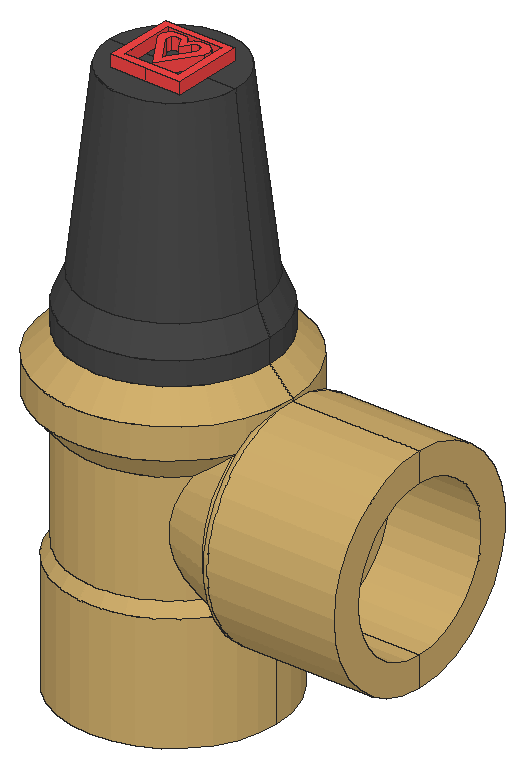
Revit family "Предохранительный клапан с диафрагмой 26xx", category Rohrzubehör, Revit 2020
Family settings
  Bemaßung runder Anschluss = Durchmesser verwenden
  Teiletyp = Normal
  OmniClass-Nummer = 23.65.55.14
  OmniClass-Titel = Valves for Liquid Services
  Arbeitsebenenbasiert = Nein
  Immer vertikal = Ja
  Beim Laden mit Abzugskörper schneiden = Nein
  Gemeinsam genutzt = Nein
Parameters (values of type "PN8")
  Номер заказа [instance] = if(PN1.8, size_lookup("26XX_PN1.8", "Artnr", 0, Nennweite), if(PN2.5, size_lookup("26XX_PN2.5", "Artnr", 0, Nennweite), if(PN3, size_lookup("26XX_PN3", "Artnr", 0, Nennweite), if(PN4, size_lookup("26XX_PN4", "Artnr", 0, Nennweite), if(PN5, size_lookup("26XX_PN5", "Artnr", 0, Nennweite), if(PN6, size_lookup("26XX_PN6", "Artnr", 0, Nennweite), if(PN8, size_lookup("26XX_PN8", "Artnr", 0, Nennweite), size_lookup("26XX_PN10", "Artnr", 0, Nennweite))))))))  # 1268501
  Мин. рабочая температура = 0 °C  # constant formula
  Макс. рабочая температура = 110 °C  # constant formula
  Внутренняя резьба = "в соответствии с ISO 228-1"  # constant formula
  WS01 = 70.00°  # constant formula
  Vorgabe-Ansicht = 0.0000 mm
  URL = "www.herz-armaturen.ru"
  Табличка = "пластик PA6"  # constant formula
  SCRNSEQ = "AWI;AWI_TYP=\"1015\";2"
  SCRNCODE = "05;21;02"  # constant formula
  S03 = 10.5000 mm  # constant formula
  S02 [instance] = H02 + H05  # 47.5000 mm
  S01 = 8.0000 mm  # constant formula
  R11 = 1.0000 mm  # constant formula
  R10 [instance] = (Nennweite Aus / 2) + 3.8000 mm  # 13.8000 mm
  R09 [instance] = Nennweite Aus / 2  # 10.0000 mm
  R08 [instance] = (Nennweite / 2) + 3.5000 mm  # 11.0000 mm
  R07 [instance] = R08 - 2.8000 mm  # 8.2000 mm
  R06 [instance] = Nennweite / 2  # 7.5000 mm
  R05 [instance] = Nennweite / 2  # 7.5000 mm
  R04 [instance] = if(PN1.8, size_lookup("26XX_PN1.8", "SW", 40.0000 mm, Nennweite), if(PN2.5, size_lookup("26XX_PN2.5", "SW", 40.0000 mm, Nennweite), if(PN3, size_lookup("26XX_PN3", "SW", 40.0000 mm, Nennweite), if(PN4, size_lookup("26XX_PN4", "SW", 40.0000 mm, Nennweite), if(PN5, size_lookup("26XX_PN5", "SW", 40.0000 mm, Nennweite), if(PN6, size_lookup("26XX_PN6", "SW", 40.0000 mm, Nennweite), if(PN8, size_lookup("26XX_PN8", "SW", 40.0000 mm, Nennweite), size_lookup("26XX_PN10", "SW", 269501.0000 mm, Nennweite))))))))  # 13.5000 mm
  R03 [instance] = (Nennweite / 2) + 5.0000 mm  # 12.5000 mm
  R02 [instance] = R04 + 2.0000 mm  # 15.5000 mm
  PN8 = yes
  PN6 = no
  PN5 = no
  PN4 = no
  PN3 = no
  PN2.5 = no
  PN10 = no
  PN1.8 = no
  Nennweite Aus [instance] = if(PN1.8, size_lookup("26XX_PN1.8", "DN1", 40.0000 mm, Nennweite), if(PN2.5, size_lookup("26XX_PN2.5", "DN1", 40.0000 mm, Nennweite), if(PN3, size_lookup("26XX_PN3", "DN1", 40.0000 mm, Nennweite), if(PN4, size_lookup("26XX_PN4", "DN1", 40.0000 mm, Nennweite), if(PN5, size_lookup("26XX_PN5", "DN1", 40.0000 mm, Nennweite), if(PN6, size_lookup("26XX_PN6", "DN1", 40.0000 mm, Nennweite), if(PN8, size_lookup("26XX_PN8", "DN1", 40.0000 mm, Nennweite), size_lookup("26XX_PN10", "DN1", 269501.0000 mm, Nennweite))))))))  # 20.0000 mm
  Nennweite [instance] = 15.0000 mm
  Диафрагма = "VMQ-Silicom 50 Sha"  # constant formula
  L02 [instance] = if(PN1.8, size_lookup("26XX_PN1.8", "L2", 17.5000 mm, Nennweite), if(PN2.5, size_lookup("26XX_PN2.5", "L2", 17.5000 mm, Nennweite), if(PN3, size_lookup("26XX_PN3", "L2", 17.5000 mm, Nennweite), if(PN4, size_lookup("26XX_PN4", "L2", 17.5000 mm, Nennweite), if(PN5, size_lookup("26XX_PN5", "L2", 17.5000 mm, Nennweite), if(PN6, size_lookup("26XX_PN6", "L2", 17.5000 mm, Nennweite), if(PN8, size_lookup("26XX_PN8", "L2", 17.5000 mm, Nennweite), size_lookup("26XX_PN10", "L2", 269501.0000 mm, Nennweite))))))))  # 17.5000 mm
  L01 [instance] = if(PN1.8, size_lookup("26XX_PN1.8", "L1", 12.0000 mm, Nennweite), if(PN2.5, size_lookup("26XX_PN2.5", "L1", 12.0000 mm, Nennweite), if(PN3, size_lookup("26XX_PN3", "L1", 12.0000 mm, Nennweite), if(PN4, size_lookup("26XX_PN4", "L1", 12.0000 mm, Nennweite), if(PN5, size_lookup("26XX_PN5", "L1", 12.0000 mm, Nennweite), if(PN6, size_lookup("26XX_PN6", "L1", 12.0000 mm, Nennweite), if(PN8, size_lookup("26XX_PN8", "L1", 12.0000 mm, Nennweite), size_lookup("26XX_PN10", "L1", 269501.0000 mm, Nennweite))))))))  # 12.0000 mm
  L00 [instance] = if(PN1.8, size_lookup("26XX_PN1.8", "L", 52.0000 mm, Nennweite), if(PN2.5, size_lookup("26XX_PN2.5", "L", 52.0000 mm, Nennweite), if(PN3, size_lookup("26XX_PN3", "L", 52.0000 mm, Nennweite), if(PN4, size_lookup("26XX_PN4", "L", 52.0000 mm, Nennweite), if(PN5, size_lookup("26XX_PN5", "L", 52.0000 mm, Nennweite), if(PN6, size_lookup("26XX_PN6", "L", 52.0000 mm, Nennweite), if(PN8, size_lookup("26XX_PN8", "L", 52.0000 mm, Nennweite), size_lookup("26XX_PN10", "L", 269501.0000 mm, Nennweite))))))))  # 32.0000 mm
  Маховик = "пластик PA6"  # constant formula
  Kappe [instance] = Kunststoff schwarz
  H08 [instance] = if(PN1.8, size_lookup("26XX_PN1.8", "H8", 21.0000 mm, Nennweite), if(PN2.5, size_lookup("26XX_PN2.5", "H8", 21.0000 mm, Nennweite), if(PN3, size_lookup("26XX_PN3", "H8", 21.0000 mm, Nennweite), if(PN4, size_lookup("26XX_PN4", "H8", 21.0000 mm, Nennweite), if(PN5, size_lookup("26XX_PN5", "H8", 21.0000 mm, Nennweite), if(PN6, size_lookup("26XX_PN6", "H8", 21.0000 mm, Nennweite), if(PN8, size_lookup("26XX_PN8", "H8", 21.0000 mm, Nennweite), size_lookup("26XX_PN10", "H8", 269501.0000 mm, Nennweite))))))))  # 6.5000 mm
  H07 [instance] = if(PN1.8, size_lookup("26XX_PN1.8", "H7", 3.0000 mm, Nennweite), if(PN2.5, size_lookup("26XX_PN2.5", "H7", 3.0000 mm, Nennweite), if(PN3, size_lookup("26XX_PN3", "H7", 3.0000 mm, Nennweite), if(PN4, size_lookup("26XX_PN4", "H7", 3.0000 mm, Nennweite), if(PN5, size_lookup("26XX_PN5", "H7", 3.0000 mm, Nennweite), if(PN6, size_lookup("26XX_PN6", "H7", 3.0000 mm, Nennweite), if(PN8, size_lookup("26XX_PN8", "H7", 3.0000 mm, Nennweite), size_lookup("26XX_PN10", "H7", 269501.0000 mm, Nennweite))))))))  # 3.0000 mm
  H06 [instance] = if(PN1.8, size_lookup("26XX_PN1.8", "H6", 15.0000 mm, Nennweite), if(PN2.5, size_lookup("26XX_PN2.5", "H6", 15.0000 mm, Nennweite), if(PN3, size_lookup("26XX_PN3", "H6", 15.0000 mm, Nennweite), if(PN4, size_lookup("26XX_PN4", "H6", 15.0000 mm, Nennweite), if(PN5, size_lookup("26XX_PN5", "H6", 15.0000 mm, Nennweite), if(PN6, size_lookup("26XX_PN6", "H6", 15.0000 mm, Nennweite), if(PN8, size_lookup("26XX_PN8", "H6", 15.0000 mm, Nennweite), size_lookup("26XX_PN10", "H6", 269501.0000 mm, Nennweite))))))))  # 15.0000 mm
  H05 [instance] = if(PN1.8, size_lookup("26XX_PN1.8", "H5", 30.0000 mm, Nennweite), if(PN2.5, size_lookup("26XX_PN2.5", "H5", 30.0000 mm, Nennweite), if(PN3, size_lookup("26XX_PN3", "H5", 30.0000 mm, Nennweite), if(PN4, size_lookup("26XX_PN4", "H5", 30.0000 mm, Nennweite), if(PN5, size_lookup("26XX_PN5", "H5", 30.0000 mm, Nennweite), if(PN6, size_lookup("26XX_PN6", "H5", 30.0000 mm, Nennweite), if(PN8, size_lookup("26XX_PN8", "H5", 30.0000 mm, Nennweite), size_lookup("26XX_PN10", "H5", 269501.0000 mm, Nennweite))))))))  # 30.5000 mm
  H04 [instance] = if(PN1.8, size_lookup("26XX_PN1.8", "H4", 12.0000 mm, Nennweite), if(PN2.5, size_lookup("26XX_PN2.5", "H4", 12.0000 mm, Nennweite), if(PN3, size_lookup("26XX_PN3", "H4", 12.0000 mm, Nennweite), if(PN4, size_lookup("26XX_PN4", "H4", 12.0000 mm, Nennweite), if(PN5, size_lookup("26XX_PN5", "H4", 12.0000 mm, Nennweite), if(PN6, size_lookup("26XX_PN6", "H4", 12.0000 mm, Nennweite), if(PN8, size_lookup("26XX_PN8", "H4", 12.0000 mm, Nennweite), size_lookup("26XX_PN10", "H4", 269501.0000 mm, Nennweite))))))))  # 12.0000 mm
  H00 [instance] = if(PN1.8, size_lookup("26XX_PN1.8", "H", 72.0000 mm, Nennweite), if(PN2.5, size_lookup("26XX_PN2.5", "H", 72.0000 mm, Nennweite), if(PN3, size_lookup("26XX_PN3", "H", 72.0000 mm, Nennweite), if(PN4, size_lookup("26XX_PN4", "H", 72.0000 mm, Nennweite), if(PN5, size_lookup("26XX_PN5", "H", 72.0000 mm, Nennweite), if(PN6, size_lookup("26XX_PN6", "H", 72.0000 mm, Nennweite), if(PN8, size_lookup("26XX_PN8", "H", 72.0000 mm, Nennweite), size_lookup("26XX_PN10", "H", 269501.0000 mm, Nennweite))))))))  # 72.0000 mm
  H03 [instance] = if(PN1.8, size_lookup("26XX_PN1.8", "H3", 4.0000 mm, Nennweite), if(PN2.5, size_lookup("26XX_PN2.5", "H3", 4.0000 mm, Nennweite), if(PN3, size_lookup("26XX_PN3", "H3", 4.0000 mm, Nennweite), if(PN4, size_lookup("26XX_PN4", "H3", 4.0000 mm, Nennweite), if(PN5, size_lookup("26XX_PN5", "H3", 4.0000 mm, Nennweite), if(PN6, size_lookup("26XX_PN6", "H3", 4.0000 mm, Nennweite), if(PN8, size_lookup("26XX_PN8", "H3", 4.0000 mm, Nennweite), size_lookup("26XX_PN10", "H3", 269501.0000 mm, Nennweite))))))))  # 4.0000 mm
  H02 [instance] = H00 - (H01 + H05)  # 17.0000 mm
  H01 [instance] = if(PN1.8, size_lookup("26XX_PN1.8", "H1", 30.0000 mm, Nennweite), if(PN2.5, size_lookup("26XX_PN2.5", "H1", 30.0000 mm, Nennweite), if(PN3, size_lookup("26XX_PN3", "H1", 30.0000 mm, Nennweite), if(PN4, size_lookup("26XX_PN4", "H1", 30.0000 mm, Nennweite), if(PN5, size_lookup("26XX_PN5", "H1", 30.0000 mm, Nennweite), if(PN6, size_lookup("26XX_PN6", "H1", 30.0000 mm, Nennweite), if(PN8, size_lookup("26XX_PN8", "H1", 30.0000 mm, Nennweite), size_lookup("26XX_PN10", "H1", 269501.0000 mm, Nennweite))))))))  # 24.5000 mm
  Hersteller = "Herz-Armaturen GmbH"  # constant formula
  Gewicht [instance] = if(PN1.8, size_lookup("26XX_PN1.8", "Gewicht", 0.19, Nennweite), if(PN2.5, size_lookup("26XX_PN2.5", "Gewicht", 0.19, Nennweite), if(PN3, size_lookup("26XX_PN3", "Gewicht", 0.19, Nennweite), if(PN4, size_lookup("26XX_PN4", "Gewicht", 0.19, Nennweite), if(PN5, size_lookup("26XX_PN5", "Gewicht", 0.19, Nennweite), if(PN6, size_lookup("26XX_PN6", "Gewicht", 0.19, Nennweite), if(PN8, size_lookup("26XX_PN8", "Gewicht", 0.19, Nennweite), size_lookup("26XX_PN10", "Gewicht", 269501, Nennweite))))))))  # 0.118
  Корпус = "штампованная латунь в соответствии с EN 12165, CW617N"  # constant formula
  Пружина = "пружинная сталь W.Nr. 1.4310"  # constant formula
  DN32 [instance] = Nennweite = 32.0000 mm  # no
  DN25 [instance] = Nennweite = 25.0000 mm  # no
  DN20 [instance] = Nennweite = 20.0000 mm  # no
  DN15 [instance] = Nennweite = 15.0000 mm  # yes
  Область применения = "ГЕРЦ Предохранительный клапан с диафрагмой используется в качестве защитного элемента для котлов в закрытых системах отопления. Он защищает котел от повышенного давления. Открывающее давление равно номинальному давлению."
Types (9, lengths in mm): name | Номер заказа | S02 | R10 | R09 | R08 | R07 | R06 | R05 | R04 | R03 | R02 | PN8 | PN6 | PN5 | PN4 | PN3 | PN2.5 | PN10 | PN1.8 | Nennweite Aus | Nennweite | L00 | H08 | H05 | H00 | H02 | H01 | Gewicht | DN32 | DN25 | DN20 | DN15
  (no name) | 1268501 | 47.5000 | 13.8000 | 10.0000 | 11.0000 | 8.2000 | 7.5000 | 7.5000 | 13.5000 | 12.5000 | 15.5000 | yes | no | no | no | no | no | no | no | 20.0000 | 15.0000 | 32.0000 | 6.5000 | 30.5000 | 72.0000 | 17.0000 | 24.5000 | 0.118 | no | no | no | yes
  PN1.8 | 1261802 | 44.7500 | 16.3000 | 12.5000 | 13.5000 | 10.7000 | 10.0000 | 10.0000 | 16.0000 | 15.0000 | 18.0000 | no | no | no | no | no | no | no | yes | 25.0000 | 20.0000 | 35.0000 | 9.7500 | 25.0000 | 72.0000 | 19.7500 | 27.2500 | 0.19 | no | no | yes | no
  PN2.5 | 1261101 | 47.5000 | 13.8000 | 10.0000 | 11.0000 | 8.2000 | 7.5000 | 7.5000 | 13.5000 | 12.5000 | 15.5000 | no | no | no | no | no | yes | no | no | 20.0000 | 15.0000 | 32.0000 | 6.5000 | 30.5000 | 72.0000 | 17.0000 | 24.5000 | 0.118 | no | no | no | yes
  PN3 | 1261004 | 64.2500 | 23.8000 | 20.0000 | 19.5000 | 16.7000 | 16.0000 | 16.0000 | 25.0000 | 21.0000 | 27.0000 | no | no | no | no | yes | no | no | no | 40.0000 | 32.0000 | 52.0000 | 21.5000 | 32.7500 | 97.0000 | 31.5000 | 32.7500 | 0.728 | yes | no | no | no
  PN4 | 1261501 | 47.5000 | 13.8000 | 10.0000 | 11.0000 | 8.2000 | 7.5000 | 7.5000 | 13.5000 | 12.5000 | 15.5000 | no | no | no | yes | no | no | no | no | 20.0000 | 15.0000 | 32.0000 | 6.5000 | 30.5000 | 72.0000 | 17.0000 | 24.5000 | 0.118 | no | no | no | yes
  PN5 | 1265703 | 67.0000 | 19.8000 | 16.0000 | 16.0000 | 13.2000 | 12.5000 | 12.5000 | 20.5000 | 17.5000 | 22.5000 | no | no | yes | no | no | no | no | no | 32.0000 | 25.0000 | 50.0000 | 13.0000 | 44.0000 | 97.0000 | 23.0000 | 30.0000 | 0.54 | no | yes | no | no
  PN6 | 1261301 | 47.5000 | 13.8000 | 10.0000 | 11.0000 | 8.2000 | 7.5000 | 7.5000 | 13.5000 | 12.5000 | 15.5000 | no | yes | no | no | no | no | no | no | 20.0000 | 15.0000 | 32.0000 | 6.5000 | 30.5000 | 72.0000 | 17.0000 | 24.5000 | 0.118 | no | no | no | yes
  PN8 | 1268501 | 47.5000 | 13.8000 | 10.0000 | 11.0000 | 8.2000 | 7.5000 | 7.5000 | 13.5000 | 12.5000 | 15.5000 | yes | no | no | no | no | no | no | no | 20.0000 | 15.0000 | 32.0000 | 6.5000 | 30.5000 | 72.0000 | 17.0000 | 24.5000 | 0.118 | no | no | no | yes
  PN10 | 1269501 | 47.5000 | 13.8000 | 10.0000 | 11.0000 | 8.2000 | 7.5000 | 7.5000 | 13.5000 | 12.5000 | 15.5000 | no | no | no | no | no | no | yes | no | 20.0000 | 15.0000 | 32.0000 | 6.5000 | 30.5000 | 72.0000 | 17.0000 | 24.5000 | 0.118 | no | no | no | yes
Reference planes
  plane 1 "Mitte (Vorne/hinten)": y = 0
  plane 2: z = 0
  plane 3 "Mitte (Links/rechts)": x = 0
Forms (mm)
  Revolve 1, solid, material "Kunststoff schwarz" <- "Kappe", detail levels fine
    sketch origin (0, 0, 0) x (1, 0, 0) y (0, 0, 1)
      loop
        line (0, 47.5) -> (-8.2, 47.5) -> (-11, 23.493) -> (-12.5, 20) -> (-12.5, 17) -> (0, 17) -> (0, 47.5)
      axis (0, 47.5) -> (0, 17)
    angle from 0 to 360
  Revolve 2, solid, material "Messing", detail levels fine
    sketch origin (0, 0, 0) x (1, 0, 0) y (0, 0, 1)
      loop
        line (-15.5, 14) -> (-15.5, 10) -> (-12.5, 6.5) -> (-12.5, -7.886) -> (-13.5, -9.5) -> (-13.5, -24.5) -> (-7.5, -24.5) -> (-7.5, -12.5) -> (0, -12.5) -> (0, 17) -> (-12.5, 17) -> (-15.5, 14)
      axis (0, 17) -> (0, -24.5)
    angle from 0 to 360
  Revolve 3, solid, material "Messing", detail levels fine
    sketch origin (18.5, 0, 0) x (1, 0, 0) y (0, 0, 1)
      loop
        line (13.5, 10) -> (13.5, 13.8) -> (-3.06, 13.8)
        arc (-3.06, 13.8) -> (-3.634, 13.619) -> (-4, 13.142) r 1
        arc (-4, 13.142) -> (-4.293, 12.435) -> (-5, 12.142) r 1
        line (-5, 12.142) -> (-18.5, 7.5) -> (-18.5, 0) -> (1.5, 0) -> (1.5, 10) -> (13.5, 10)
      axis (-18.5, 0) -> (13.5, 0)
    angle from 0 to 360
Lines and regions (mm)
  model lines, detail levels coarse+medium
    curve 1: line (0.003, 0, -0.007) -> (0.003, 0, 47.5)
    curve 2: line (0.003, 0, -0.007) -> (-13.5, 0, -24.5)
    curve 3: line (-13.5, 0, -24.5) -> (13.5, 0, -24.5)
    curve 4: line (13.5, 0, -24.5) -> (0.003, 0, -0.007)
    curve 5: line (0.003, 0, -0.007) -> (32, 0, -13.8)
    curve 6: line (32, 0, -13.8) -> (32, 0, 13.8)
    curve 7: line (32, 0, 13.8) -> (0.003, 0, -0.007)
    curve 8: line (-10.5, 0, 48.643) -> (10.5, 0, 41)
    curve 9: line (-10.5, 0, 40.643) -> (10.5, 0, 33)
    curve 10: line (-10.5, 0, 32.643) -> (10.5, 0, 25)
    curve 11: line (-10.5, 0, 24.643) -> (10.5, 0, 17)
    curve 12: line (0, 0, 0) -> (32, 13.8, 0)
    curve 13: line (32, 13.8, 0) -> (32, -13.8, 0)
    curve 14: line (32, -13.8, 0) -> (0, 0, 0)
    curve 15: line (0, 0, 0) -> (-13.5, -24.5, 0)
    curve 16: line (-13.5, -24.5, 0) -> (13.5, -24.5, 0)
    curve 17: line (13.5, -24.5, 0) -> (0, 0, 0)
    curve 18: line (0, 0, 0) -> (0, 47.5, 0)
    curve 19: line (-10.5, 48.643, 0) -> (10.5, 41, 0)
    curve 20: line (-10.5, 40.643, 0) -> (10.5, 33, 0)
    curve 21: line (-10.5, 32.643, 0) -> (10.5, 25, 0)
    curve 22: line (-10.5, 24.643, 0) -> (10.5, 17, 0)
Dimensions and locks
  "R03": Revolve 2 sketch curve to Revolve 2 sketch curve  (x2)
  "R02": Revolve 2 sketch curve to Revolve 2 sketch curve
  "R04": Revolve 2 sketch curve to Revolve 2 sketch curve
  "R05": Revolve 2 sketch curve to Revolve 2 sketch curve
  "H01": level to Revolve 2 sketch curve
  "H02": Revolve 2 sketch curve to level
  "R03": Revolve 1 sketch curve to Revolve 1 sketch curve
  "R07": Revolve 1 sketch curve to Revolve 1 sketch curve
  "R08": Revolve 1 sketch curve to Revolve 1 sketch curve
  "R06": Revolve 3 sketch curve to Revolve 3 sketch curve
  "R09": Revolve 3 sketch curve to Revolve 3 sketch curve
  "R10": Revolve 3 sketch curve to Revolve 3 sketch curve
  "L00": Revolve 3 sketch curve to Revolve 3 sketch curve
  "H05": Revolve 1 sketch curve to Revolve 1 sketch curve
  "L01": Revolve 3 sketch curve to Revolve 3 sketch curve
  "H04": Revolve 2 sketch curve to Revolve 2 sketch curve
  "L02": Revolve 3 sketch curve to Revolve 3 sketch curve
  "H06": Revolve 2 sketch curve to Revolve 2 sketch curve
  "H02": Revolve 1 sketch curve to plane 2
  "H00": Revolve 1 to Revolve 2
  "H07": Revolve 2 sketch curve to Revolve 2 sketch curve
  "H07": Revolve 1 sketch curve to Revolve 1 sketch curve
  "H08": Revolve 2 sketch curve to plane 2
  "S02": curve 1 to plane 2
  "H01": plane 2 to curve 3
  "R04": curve 4 to plane 3 "Mitte (Links/rechts)" to curve 3
  "L00": curve 6 to plane 3 "Mitte (Links/rechts)"
  "R10": curve 7 to plane 2 to curve 6
  "S03": curve 8 to plane 3 "Mitte (Links/rechts)" to curve 8
  "S01": curve 8 to curve 9
  "S01": curve 9 to curve 10
  "S01": curve 10 to curve 11
  "H02": curve 11 to plane 2
  "L00": plane 3 "Mitte (Links/rechts)" to curve 13
  "R10": curve 14 to plane 1 "Mitte (Vorne/hinten)" to curve 13
  "H01": curve 16 to plane 1 "Mitte (Vorne/hinten)"
  "R04": curve 16 to plane 3 "Mitte (Links/rechts)" to curve 17
  "S02": plane 1 "Mitte (Vorne/hinten)" to curve 18
  "S03": curve 19 to plane 3 "Mitte (Links/rechts)" to curve 19
  "S01": curve 19 to curve 20
  "S01": curve 20 to curve 21
  "S01": curve 21 to curve 22
  "H02": plane 1 "Mitte (Vorne/hinten)" to curve 22
  "S02": nested 1 to plane 2
  "R11": radius of Revolve 3 sketch curve  (x2)
  "WS01": angle plane 3 "Mitte (Links/rechts)" to curve 8
  "WS01": angle plane 3 "Mitte (Links/rechts)" to curve 9
  "WS01": angle plane 3 "Mitte (Links/rechts)" to curve 10
  "WS01": angle plane 3 "Mitte (Links/rechts)" to curve 11
  "WS01": angle plane 3 "Mitte (Links/rechts)" to curve 19
  "WS01": angle plane 3 "Mitte (Links/rechts)" to curve 20
  "WS01": angle plane 3 "Mitte (Links/rechts)" to curve 21
  "WS01": angle plane 3 "Mitte (Links/rechts)" to curve 22
  aligned and locked: level to plane 2
Automatic sketch dimensions
  plane 3 "Mitte (Links/rechts)" to curve 4 = 0.0034 mm
  curve 4 to level = 0.0072 mm
  curve 11 to plane 3 "Mitte (Links/rechts)" = 10.5000 mm
  curve 10 to curve 11 = 0.0000 mm
  curve 9 to curve 10 = 0.0000 mm
  plane 1 "Mitte (Vorne/hinten)" to curve 14 = 0.0000 mm
  curve 14 to plane 3 "Mitte (Links/rechts)" = 0.0000 mm
  curve 20 to curve 19 = 0.0000 mm
  curve 21 to curve 20 = 0.0000 mm
  curve 22 to curve 21 = 0.0000 mm
  Revolve 1 sketch curve to plane 3 "Mitte (Links/rechts)" = 0.0000 mm  (x2)
  Revolve 1 sketch curve to Revolve 1 sketch curve = 3.4935 mm
  Revolve 1 sketch curve to level = 366.0447 mm
  Revolve 1 sketch curve to Revolve 1 sketch curve = 0.0000 mm
  Revolve 2 sketch curve to plane 3 "Mitte (Links/rechts)" = 0.0000 mm  (x2)
  Revolve 2 sketch curve to Revolve 2 sketch curve = 1.6143 mm
  Revolve 2 sketch curve to Revolve 2 sketch curve = 4.0000 mm
  Revolve 2 sketch curve to Revolve 2 sketch curve = 336.0447 mm
  Revolve 2 sketch curve to Revolve 2 sketch curve = 2186.6924 mm
  Revolve 3 sketch curve to level = 0.0000 mm  (x2)
  Revolve 3 sketch curve to plane 3 "Mitte (Links/rechts)" = 0.0000 mm
  Revolve 3 sketch curve to Revolve 3 sketch curve = 0.9397 mm
  Revolve 3 sketch curve to Revolve 3 sketch curve = 1333.4903 mm
  Revolve 3 sketch curve to Revolve 3 sketch curve = 1867.4827 mm
Nested families
  nested 1: "Herz-Logo" at (0, 0, 47.5), type "Herz-Logo"
Connectors
  piping at (20, 0, 0), diameter 20, driven by "Nennweite Aus"
    settings: on Revolve 3, index 1, connector inside diameter 609.6 mm, connector length 0.0000 mm, flow factor 0, pipe flow 0.0 L/s, pressure drop 0.0 Pa, fitting loss kfactor 0, connector angle 0.00°, fixture units 0, engagement length 0.0000 mm, angle of deflection 0.00°, flow configuration 0, flow direction 2, fitting loss method 0, system type 29, joint type 0, gender type 0, connector reference index -1, connector utility 0, adjustable connector no, is connector primary yes, connector description ""
  piping at (0, 0, -12.5), diameter 15, driven by "Nennweite"
    settings: on Revolve 2, index 2, connector inside diameter 609.6 mm, connector length 0.0000 mm, flow factor 0, pipe flow 0.0 L/s, pressure drop 0.0 Pa, fitting loss kfactor 0, connector angle 0.00°, fixture units 0, engagement length 0.0000 mm, angle of deflection 0.00°, flow configuration 0, flow direction 1, fitting loss method 0, system type 29, joint type 0, gender type 0, connector reference index -1, connector utility 0, adjustable connector no, is connector primary no, connector description ""
Definition of nested family "Herz-Logo"
  Parameters (values of type "Herz-Logo")
    Default Elevation = 0.0000 mm
  Reference planes
    plane 1 "Mitte (Vorne/hinten)": y = 0
    plane 2: z = 0
    plane 3 "Mitte (Links/rechts)": x = 0
  Forms (mm)
    Extrusion 1, solid
      sketch origin (0, 0, 0) x (1, 0, 0) y (0, 1, 0)
        loop
          line (-0.018, -4.517) -> (4.482, -4.517) -> (4.482, 4.483) -> (-4.518, 4.483) -> (-4.518, -4.517) -> (-0.018, -4.517)
        loop
          line (-0.05, -3.48) -> (3.482, -3.48) -> (3.482, 3.483) -> (-3.518, 3.483) -> (-3.518, -3.48) -> (-0.05, -3.48)
        loop
          arc (-0.018, 2.383) -> (-1.543, 3.287) -> (-3.067, 2.383) r 1.738
          arc (-3.067, 2.383) -> (-3.191, 1.899) -> (-3.067, 1.415) r 1.009
          line (-3.067, 1.415) -> (-0.018, -3.281) -> (3.032, 1.415)
          arc (3.032, 1.415) -> (3.156, 1.899) -> (3.032, 2.383) r 1.009
          arc (3.032, 2.383) -> (1.507, 3.287) -> (-0.018, 2.383) r 1.738
        loop
          arc (1.885, 1.272) -> (2.005, 1.675) -> (1.885, 2.079) r 0.74
          arc (1.885, 2.079) -> (1.265, 2.416) -> (0.644, 2.079) r 0.74
          line (0.644, 2.079) -> (-0.018, 0.97) -> (-0.679, 2.079)
          arc (-0.679, 2.079) -> (-1.3, 2.416) -> (-1.921, 2.079) r 0.74
          arc (-1.921, 2.079) -> (-2.04, 1.675) -> (-1.921, 1.272) r 0.74
          line (-1.921, 1.272) -> (-0.018, -1.658) -> (1.885, 1.272)
      from 0 to 1.5
  Dimensions and locks
    aligned and locked: level to plane 2
